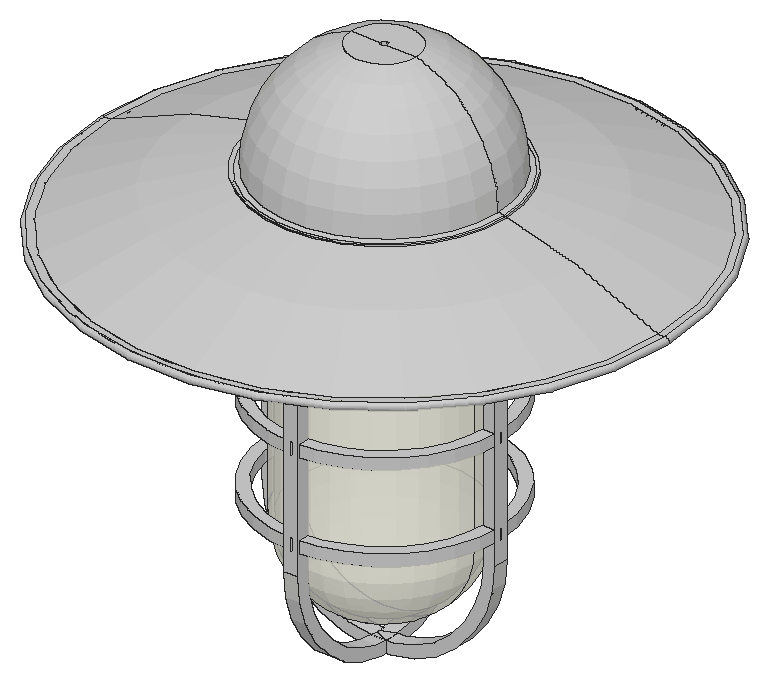
Revit family "DB1", category Lighting Fixtures, Revit 2024
Family settings
  Round Connector Dimension = Use Diameter
  Part Type = Normal
  OmniClass Number = 23.80.70.00
  OmniClass Title = Lighting
  Work Plane-Based = No
  Always vertical = Yes
  Cut with Voids When Loaded = No
  Light Source = No
  Maintain Annotation Orientation = No
  Shared = No
  Room Calculation Point = No
Parameters
  Default Elevation = 0' - 0"
Reference planes (in)
  plane 1 "Light Source Axis (F/B)": y = 0
  plane 2: z = 0
  plane 3 "Light Source Axis (L/R)": x = 0
  plane 4 "Light Source Elevation": z = 54
Forms (in)
  Extrusion 1, solid, material "49"
    sketch origin (6.84003, -1.35, -23.42225) x (1, 0, 0) y (0, 0, 1)
      loop
        line (-4.78958, 84.58935) -> (-4.99147, 84.58935) -> (-4.99147, 79.4727)
        arc (-4.99147, 79.4727) -> (-5.57549, 78.12432) -> (-6.95853, 77.62794) r 1.84856
        arc (-6.95853, 77.62794) -> (-8.1884, 78.20816) -> (-8.68859, 79.4727) r 1.84856
        line (-8.68859, 79.4727) -> (-8.68859, 84.58935) -> (-8.89048, 84.58935) -> (-8.89048, 79.4727)
        arc (-8.89048, 79.4727) -> (-6.84003, 77.42225) -> (-4.78958, 79.4727) r 2.05045
        line (-4.78958, 79.4727) -> (-4.78958, 84.58935)
    from -1.47618 to -1.22382
  Revolve 2, solid, material "49"
    sketch origin (6.84003, -0.00202, -23.42225) x (1, 0, 0) y (0, 0, 1)
      loop
        line (-4.69794, 84.58935) -> (-4.69794, 84.95701) -> (-4.84249, 84.95701)
        arc (-4.84249, 84.95701) -> (-5.2211, 86.18087) -> (-6.26587, 86.92225) r 1.99529
        line (-6.26587, 86.92225) -> (-6.77975, 86.92225) -> (-6.77975, 86.8285) -> (-6.27975, 86.8285)
        arc (-6.27975, 86.8285) -> (-5.26543, 86.0809) -> (-4.94123, 84.86326) r 1.90154
        line (-4.94123, 84.86326) -> (-4.79169, 84.86326) -> (-4.79169, 84.6831) -> (-5.08522, 84.6831) -> (-5.08522, 84.30461) -> (-4.99147, 84.30461) -> (-4.99147, 84.58935) -> (-4.69794, 84.58935)
      loop
        line (-4.99147, 82.87328) -> (-4.78958, 82.87328) -> (-4.78958, 83.07517) -> (-4.99147, 83.07517) -> (-4.99147, 82.87328)
      loop
        line (-4.99147, 81.35911) -> (-4.78958, 81.35911) -> (-4.78958, 81.561) -> (-4.99147, 81.561) -> (-4.99147, 81.35911)
      loop
        line (-4.99147, 79.84493) -> (-4.78958, 79.84493) -> (-4.78958, 80.04682) -> (-4.99147, 80.04682) -> (-4.99147, 79.84493)
      loop
        line (-5.24003, 84.58935) -> (-5.33378, 84.58935) -> (-5.33378, 79.6014)
        arc (-5.33378, 79.6014) -> (-5.77495, 78.53632) -> (-6.84003, 78.09515) r 1.50625
        line (-6.84003, 78.09515) -> (-6.84003, 78.0014)
        arc (-6.84003, 78.0014) -> (-5.70866, 78.47003) -> (-5.24003, 79.6014) r 1.6
        line (-5.24003, 79.6014) -> (-5.24003, 84.58935)
      axis (-6.84003, 86.92225) -> (-6.84003, 78.0014)
    angle from 0 to 360
  Extrusion 3, solid, material "49"
    sketch origin (5.40871, -9.35, -23.42225) x (0, -1, 0) y (0, 0, 1)
      loop
        line (-11.40045, 84.58935) -> (-11.40045, 79.4727)
        arc (-11.40045, 79.4727) -> (-9.35, 77.42225) -> (-7.29955, 79.4727) r 2.05045
        line (-7.29955, 79.4727) -> (-7.29955, 84.58935) -> (-7.50144, 84.58935) -> (-7.50144, 79.4727)
        arc (-7.50144, 79.4727) -> (-8.05489, 78.15366) -> (-9.38383, 77.62445) r 1.84856
        arc (-9.38383, 77.62445) -> (-10.66903, 78.17758) -> (-11.19856, 79.4727) r 1.84856
        line (-11.19856, 79.4727) -> (-11.19856, 84.58935) -> (-11.40045, 84.58935)
    from 5.28252 to 5.53489
  Revolve 4, solid, material "49"
    sketch origin (0, 0, 0) x (1, 0, 0) y (0, 0, 1)
      loop
        arc (4.81286, 60.625) -> (3.39849, 61.2032) -> (1.91706, 61.5775) r 10.87668
        line (1.91706, 61.5775) -> (1.98179, 61.47035)
        arc (1.98179, 61.47035) -> (3.41876, 61.09771) -> (4.79093, 60.53125) r 10.78293
        line (4.79093, 60.53125) -> (4.88337, 60.53125)
        arc (4.88337, 60.53125) -> (4.99163, 60.53125) -> (4.9375, 60.625) r 0.0625
        line (4.9375, 60.625) -> (4.81286, 60.625)
      axis (0, 61.5775) -> (0, 60.53125)
    angle from 0 to 360
Dimensions and locks (in)
  aligned and locked: level to plane 2
